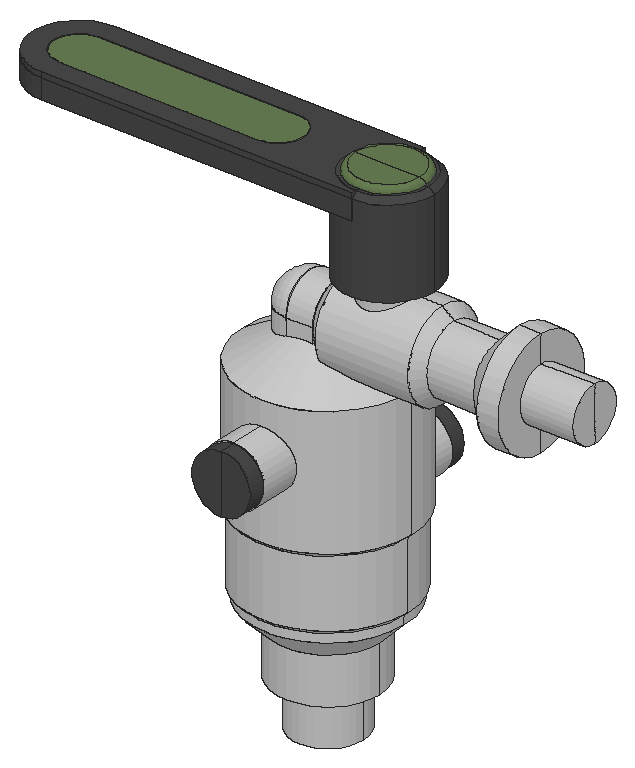
Revit family "HERZ Tap Valve With Integrated System Separator 0300", category Rohrzubehör, Revit 2020
Family settings
  Bemaßung runder Anschluss = Durchmesser verwenden
  Teiletyp = Unterbricht
  OmniClass-Nummer = 23.65.55.14
  OmniClass-Titel = Valves for Liquid Services
  Arbeitsebenenbasiert = Nein
  Immer vertikal = Ja
  Beim Laden mit Abzugskörper schneiden = Nein
  Gemeinsam genutzt = Nein
Parameters (values of type "DN15 auf DN20")
  W02 = 60.00°  # constant formula
  W01 = 45.00°  # constant formula
  Vorgabe-Ansicht = 0.000 mm
  URL = "www.herzvalves.com"
  System separator cartridge = "high quality, lime-repellent plastic."  # constant formula
  STL02 = 37.500 mm  # constant formula
  STL01 = 33.000 mm  # constant formula
  STD02 = 8.200 mm  # constant formula
  STD01 = 8.500 mm  # constant formula
  SCTWSEQ = "AW;SBT_TYP_AW=\"104\";2"
  SCTWCODE = "04;12;02"  # constant formula
  S05 = R03 - 2.000 mm  # 10.400 mm
  S04 = 33.000 mm  # constant formula
  S03 = 25.000 mm  # constant formula
  S02 = 45.000 mm  # constant formula
  S01 = 13.000 mm  # constant formula
  R09 = 13.000 mm  # constant formula
  R05 = 8.000 mm  # constant formula
  R04 = 8.500 mm  # constant formula
  R03 = 12.400 mm  # constant formula
  R02 = 9.500 mm  # constant formula
  R01 = 15.000 mm  # constant formula
  NennweiteEin [instance] = if([15_20], 15.000 mm, if([20_20], 20.000 mm, if([20_25], 20.000 mm, 0.000 mm)))  # 15.000 mm
  NennweiteAus [instance] = if([15_20], 20.000 mm, if([20_20], 20.000 mm, if([20_25], 25.000 mm, 0.000 mm)))  # 20.000 mm
  Model = "The system separator of type BA integrated in this take-off fitting has been developed according to the standard DIN EN 1717.\r\nAccording to this standard, the water quality is divided up into 5 classes depending on the degree of contamination.\r\nSystem separators of type BA provide protection against non-drinking water up to hazard class 4.\r\nThis is the highest hazard class that may be safeguarded with a valve.\r\nThe installation of a dirt trap upstream of the system separator helps to guarantee constant and faultless function.\r\nIt is only possible to install this fitting vertically."
  Medium = "Water (without steam)"  # constant formula
  Max. permissible temperature (short-term) = 80 °C  # constant formula
  Max. operating temperature = 65 °C  # constant formula
  Max. operating pressure = 1000000.0 Pa  # constant formula
  LO01 = 34.500 mm  # constant formula
  L11 = 77.500 mm  # constant formula
  L10 = 57.500 mm  # constant formula
  L09 = 58.000 mm  # constant formula
  L08 = 2.500 mm  # constant formula
  L07 = 26.000 mm  # constant formula
  L06 = 6.000 mm  # constant formula
  L05 = 15.000 mm  # constant formula
  L04 = 5.000 mm  # constant formula
  L03 = 100.000 mm  # constant formula
  L02 = 58.000 mm  # constant formula
  L01 = 75.000 mm  # constant formula
  Installation position = "vertical"  # constant formula
  Note = "Pursuant to Article 33 of the REACH Regulation (EC No. 1907/2006), we are obliged to point out that the material lead is listed on the SVHC list and that all brass components manufactured in our products exceed 0.1% (w / w) lead (CAS: 7439-92-1 / EINECS: 231-100-4).\r\nSince lead is a component part of an alloy, actual exposure is not possible and therefore no additional information on safe use is necessary."
  Hersteller = "HERZ Armaturen Ges.m.b.H."  # constant formula
  H08 = 15.000 mm  # constant formula
  H07 = 36.000 mm  # constant formula
  H06 = 19.000 mm  # constant formula
  H05 = 2.500 mm  # constant formula
  H04 = 13.000 mm  # constant formula
  H03 = 13.000 mm  # constant formula
  H02 = 105.000 mm  # constant formula
  H01 = 146.000 mm - H02  # 41.000 mm
  Seals = "EPDM"  # constant formula
  Part number = if([15_20], "I030001", if([20_20], "I030002", if([20_25], "I030012", "0")))  # "I030001"
  Body = "pressed brass (CW617N), chrome-plated."  # constant formula
  Application = "This take-off fitting with integrated system separator (BA) is designed for installation above a drainage fixture or for outdoor installation (e.g. as a garden valve).\r\nThe fitting comprises an intake-side ball valve and a downstream system separator of type BA according to DIN EN 1717."
  20_25 = no
  20_20 = no
  15_20 = yes
  D05 = 14.500 mm  # constant formula
  D04 = 21.500 mm  # constant formula
  D03 = 22.500 mm  # constant formula
  D02 = 7.000 mm  # constant formula
  D01 = 23.500 mm  # constant formula
  AGein [instance] = NennweiteEin / 2  # 7.500 mm
  AGaus [instance] = NennweiteAus / 2  # 10.000 mm
Types (4, lengths in mm): name | NennweiteEin | NennweiteAus | Part number | 20_25 | 20_20 | 15_20 | AGein | AGaus
  (no name) | 15.000 | 20.000 | "I030001" | no | no | yes | 7.500 | 10.000
  DN15 auf DN20 | 15.000 | 20.000 | "I030001" | no | no | yes | 7.500 | 10.000
  DN20 auf DN20 | 20.000 | 20.000 | "I030002" | no | yes | no | 10.000 | 10.000
  DN20 auf DN25 | 20.000 | 25.000 | "I030012" | yes | no | no | 10.000 | 12.500
Reference planes
  plane 1 "Mitte (Vorne/hinten)": y = 0
  plane 2: z = 0
  plane 3 "Mitte (Links/rechts)": x = 0
Forms (mm)
  Revolve 1, solid, material "Messing, vernickelt", detail levels fine
    sketch origin (0, 0, -213.5) x (1, 0, 0) y (0, 0, 1)
      loop
        line (0, 108.5) -> (0, 213.5) -> (-7, 213.5) -> (-7, 210.526) -> (-23.5, 201) -> (-23.5, 165) -> (-22.5, 164) -> (-22.5, 145) -> (-21.5, 144) -> (-21.5, 141.5) -> (-14.5, 134.5) -> (-14.5, 121.5) -> (-10, 121.5) -> (-10, 108.5) -> (0, 108.5)
      axis (0, 213.5) -> (0, 108.5)
    angle from 0 to 360
  Revolve 2, solid, material "Messing, vernickelt", detail levels fine
    sketch origin (0, 0, 0) x (1, 0, 0) y (0, 0, 1)
      loop
        line (2.5, 0) -> (75, 0) -> (75, 7.5) -> (60, 7.5) -> (60, 15) -> (54, 15) -> (48.5, 9.5) -> (35.3, 9.5) -> (32.4, 12.4) -> (6.4, 12.4) -> (2.5, 8.5) -> (2.5, 0)
      axis (2.5, 0) -> (75, 0)
    angle from 0 to 360
  Extrusion 3, solid, material "Messing, vernickelt", detail levels fine
    sketch origin (0, 0, 0) x (0, 1, 0) y (0, 0, 1)
      loop
        arc (8.5, 0) -> (0, 8.5) -> (-8.5, 0) r 8.5
        line (-8.5, 0) -> (-8.5, -12.5) -> (8.5, -12.5) -> (8.5, 0)
    from 2.5 to -5
  Extrusion 4, solid, material "Messing, vernickelt", detail levels fine
    sketch origin (0, 0, 0) x (1, 0, 0) y (0, 1, 0)
      loop
        circle (-5, 0) r 8.5
    from -20 to 0
  Revolve 5, solid, material "Messing, vernickelt", detail levels fine
    sketch origin (0, 0, 0) x (1, 0, 0) y (0, 1, 0)
      loop
        arc (-5, 8.5) -> (-11.01, 6.01) -> (-13.5, 0) r 8.5
        line (-13.5, 0) -> (-5, 0) -> (-5, 8.5)
      axis (-5, 0) -> (-13.5, 0)
    angle from 0 to 360
  Revolve 6, solid, material "Messing, vernickelt", detail levels fine
    sketch origin (0, 0, 0) x (1, 0, 0) y (0, 0, 1)
      loop
        line (17, 0) -> (25, 0) -> (25, 15) -> (17, 15) -> (17, 0)
      axis (17, 15) -> (17, 0)
    angle from 0 to 360
  Revolve 7, solid, material "Kunststoff SCHWARZ", detail levels fine
    sketch origin (0, 0, 0) x (1, 0, 0) y (0, 0, 1)
      loop
        line (17, 15) -> (30, 15) -> (30, 39.5) -> (28.5, 41) -> (17, 41) -> (17, 15)
      axis (17, 15) -> (17, 41)
    angle from 0 to 360
  Revolve 8, solid, material "Kunststoff GRÜN", detail levels fine
    sketch origin (0, 0, 0) x (1, 0, 0) y (0, 0, 1)
      loop
        line (17, 42.5) -> (17, 41) -> (27.5, 41)
        arc (27.5, 41) -> (27.061, 42.061) -> (26, 42.5) r 1.5
        line (26, 42.5) -> (17, 42.5)
      axis (17, 42.5) -> (17, 41)
    angle from 0 to 360
  Extrusion 9, solid, material "Kunststoff SCHWARZ", detail levels fine
    sketch origin (0, 0, 0) x (1, 0, 0) y (0, 1, 0)
      loop
        line (17, 13) -> (-70, 13)
        arc (-70, 13) -> (-83, 0) -> (-70, -13) r 13
        line (-70, -13) -> (17, -13) -> (17, 13)
    from 34 to 39.5
  Extrusion 10, solid, material "Kunststoff SCHWARZ", detail levels fine
    sketch origin (0, 0, 0) x (1, 0, 0) y (0, 1, 0)
      loop
        line (17, 13) -> (-70, 13)
        arc (-70, 13) -> (-83, 0) -> (-70, -13) r 13
        line (-70, -13) -> (17, -13) -> (17, 13)
      loop
        arc (-70, 7) -> (-77, 0) -> (-70, -7) r 7
        line (-70, -7) -> (-14, -7)
        arc (-14, -7) -> (-7, 0) -> (-14, 7) r 7
        line (-14, 7) -> (-70, 7)
    from 39.5 to 41
  Extrusion 11, solid, material "Kunststoff GRÜN", detail levels fine
    sketch origin (0, 0, 0) x (1, 0, 0) y (0, 1, 0)
      loop
        arc (-70, 7) -> (-77, 0) -> (-70, -7) r 7
        line (-70, -7) -> (-14, -7)
        arc (-14, -7) -> (-7, 0) -> (-14, 7) r 7
        line (-14, 7) -> (-70, 7)
    from 39.5 to 41
  Revolve 12, solid, material "Messing, vernickelt", detail levels fine
    sketch origin (0, 0, 0) x (0, 1, 0) y (0, 0, 1)
      loop
        line (0, -39) -> (0, -47.5) -> (33, -47.5) -> (33, -39) -> (0, -39)
      axis (33, -47.5) -> (0, -47.5)
    angle from 0 to 360
  Revolve 13, solid, material "Messing, vernickelt", detail levels fine
    sketch origin (0, 0, 0) x (0, -1, 0) y (0, 0, 1)
      loop
        line (0, -19) -> (0, -27.5) -> (33, -27.5) -> (33, -19) -> (0, -19)
      axis (33, -27.5) -> (0, -27.5)
    angle from 0 to 360
  Revolve 14, solid, material "Kunststoff SCHWARZ", detail levels fine
    sketch origin (0, 0, 0) x (0, 1, 0) y (0, 0, 1)
      loop
        line (-33, -27.5) -> (-33, -19.3) -> (-37.5, -19.3) -> (-37.5, -27.5) -> (-33, -27.5)
      axis (-33, -27.5) -> (-37.5, -27.5)
    angle from 0 to 360
  Revolve 15, solid, material "Kunststoff SCHWARZ", detail levels fine
    sketch origin (0, 0, 0) x (0, -1, 0) y (0, 0, 1)
      loop
        line (-33, -47.5) -> (-33, -39.3) -> (-37.5, -39.3) -> (-37.5, -47.5) -> (-33, -47.5)
      axis (-33, -47.5) -> (-37.5, -47.5)
    angle from 0 to 360
Lines and regions (mm)
  model lines, detail levels coarse+medium
    curve 1: line (35.5, 0, 12.4) -> (35.5, 0, -12.4)
    curve 2: line (35.5, 0, -12.4) -> (2.5, 0, 12.4)
    curve 3: line (2.5, 0, 12.4) -> (2.5, 0, -12.4)
    curve 4: line (2.5, 0, -12.4) -> (35.5, 0, 12.4)
    curve 5: circle (10.02, 0, 0) r 10.4 normal (0, -1, 0)
    curve 6: line (35.5, 0, 0) -> (75, 0, 0)
    curve 7: line (60, 0, 15) -> (60, 0, -15)
    curve 8: line (-23.5, 0, -12.4) -> (23.5, 0, -12.4)
    curve 9: line (-23.5, 0, -105) -> (-23.5, 0, -12.4)
    curve 10: line (23.5, 0, -105) -> (-23.5, 0, -105)
    curve 11: line (23.5, 0, -12.4) -> (23.5, 0, -105)
    curve 12: line (2.5, 0, 0) -> (0, 0, 0)
    curve 13: line (0, 0, 0) -> (0, 0, -12.4)
    curve 14: line (-10.5, 0, -105) -> (-10.5, 0, -80)
    curve 15: line (-10.5, 0, -57.4) -> (-10.5, 0, -12.4)
    curve 16: line (10.5, 0, -105) -> (10.5, 0, -80)
    curve 17: line (10.5, 0, -57.4) -> (10.5, 0, -12.4)
    curve 18: line (0, -23.5, -105) -> (0, 23.5, -105)
    curve 19: line (0, -23.5, -12.4) -> (0, -23.5, -105)
    curve 20: line (0, 23.5, -12.4) -> (0, -23.5, -12.4)
    curve 21: line (0, 23.5, -105) -> (0, 23.5, -12.4)
    curve 26: arc (0, -12.4, 0) -> (0, 0, 12.4) -> (0, 12.4, 0) r 12.4
  model lines
    curve 22: line (0, -10.5, -105) -> (0, -10.5, -80)
    curve 23: line (0, -10.5, -57.4) -> (0, -10.5, -12.4)
    curve 24: line (0, 10.5, -105) -> (0, 10.5, -80)
    curve 25: line (0, 10.5, -57.4) -> (0, 10.5, -12.4)
Dimensions and locks
  "H03": Revolve 1 sketch curve to Revolve 1 sketch curve
  "H04": Revolve 1 sketch curve to Revolve 1 sketch curve
  "H05": Revolve 1 sketch curve to Revolve 1 sketch curve
  "H06": Revolve 1 sketch curve to Revolve 1 sketch curve
  "H07": Revolve 1 sketch curve to Revolve 1 sketch curve
  "AGaus": Revolve 1 sketch curve to plane 3 "Mitte (Links/rechts)"
  "D01": Revolve 1 sketch curve to Revolve 1 sketch curve
  "D02": Revolve 1 sketch curve to Revolve 1 sketch curve
  "D05": Revolve 1 sketch curve to Revolve 1 sketch curve
  "D04": Revolve 1 sketch curve to Revolve 1 sketch curve
  "D03": Revolve 1 sketch curve to Revolve 1 sketch curve
  "H02": Revolve 1 sketch curve to Revolve 1 sketch curve
  "L01": Revolve 2 sketch curve to plane 3 "Mitte (Links/rechts)"
  "L05": Revolve 2 sketch curve to Revolve 2 sketch curve
  "L06": Revolve 2 sketch curve to Revolve 2 sketch curve
  "L07": Revolve 2 sketch curve to Revolve 2 sketch curve
  "AGein": Revolve 2 sketch curve to Revolve 2 sketch curve
  "R01": Revolve 2 sketch curve to Revolve 2 sketch curve
  "R02": Revolve 2 sketch curve to Revolve 2 sketch curve
  "R03": Revolve 2 sketch curve to Revolve 2 sketch curve
  "L08": Revolve 2 sketch curve to plane 3 "Mitte (Links/rechts)"
  "R04": Revolve 2 sketch curve to Revolve 2 sketch curve
  "H08": Revolve 6 sketch curve to plane 2
  "R05": Revolve 6 sketch curve to Revolve 6 sketch curve
  "L09": Revolve 6 sketch curve to Revolve 2
  "H08": Revolve 7 sketch curve to plane 2
  "R09": Revolve 7 sketch curve to Revolve 7 sketch curve
  "L02": Revolve 2 to Revolve 7 sketch curve
  "H01": Revolve 7 sketch curve to plane 2
  Revolve 7 sketch curve to Revolve 7 sketch curve = 11.500 mm
  "L02": Revolve 2 to Revolve 8 sketch curve
  Revolve 8 sketch curve to Revolve 7 = 1.500 mm
  "H01": Revolve 8 sketch curve to plane 2
  "L02": Extrusion 9 sketch curve to Revolve 2
  "R09": Extrusion 9 sketch curve to plane 1 "Mitte (Vorne/hinten)" to Extrusion 9 sketch curve
  "L03": Extrusion 9 sketch curve to Extrusion 9 sketch curve
  "L03": Extrusion 10 sketch curve to Extrusion 9
  "L02": Extrusion 10 sketch curve to Revolve 2
  "STL01": Revolve 12 sketch curve to plane 1 "Mitte (Vorne/hinten)"
  "STD01": Revolve 12 sketch curve to Revolve 12 sketch curve
  "L10": Revolve 1 to Revolve 12 sketch curve
  "STD01": Revolve 13 sketch curve to Revolve 13 sketch curve
  "STL01": plane 1 "Mitte (Vorne/hinten)" to Revolve 13 sketch curve
  "L11": Revolve 13 sketch curve to Revolve 1
  "STL01": plane 1 "Mitte (Vorne/hinten)" to Revolve 14 sketch curve
  "STL02": Revolve 13 to Revolve 14 sketch curve
  "STD02": Revolve 14 sketch curve to Revolve 14 sketch curve
  "L11": Revolve 1 to Revolve 14 sketch curve
  "D01": nested 1 to plane 3 "Mitte (Links/rechts)"
  "LO01": level to nested 1
  "STD02": Revolve 15 sketch curve to Revolve 15 sketch curve
  "L10": Revolve 15 sketch curve to Revolve 1
  "STL01": Revolve 15 sketch curve to plane 1 "Mitte (Vorne/hinten)"
  "STL02": Revolve 15 sketch curve to plane 1 "Mitte (Vorne/hinten)"
  "R03": curve 4 to plane 2 to curve 2
  "R03": curve 3 to plane 2 to curve 4
  "L08": plane 3 "Mitte (Links/rechts)" to curve 3
  "S04": curve 3 to curve 1
  "L01": curve 6 to plane 3 "Mitte (Links/rechts)"
  "R01": curve 7 to plane 2 to curve 7
  curve 7 to curve 6 = 15.000 mm
  "D01": curve 11 to plane 3 "Mitte (Links/rechts)" to curve 9
  "H02": plane 2 to curve 10
  "R03": plane 2 to curve 8
  "S01": curve 14 to curve 9
  "S01": curve 11 to curve 16
  "S01": curve 11 to curve 17
  "S01": curve 15 to curve 9
  "S02": curve 8 to curve 17
  "S02": curve 8 to curve 15
  "S03": curve 14 to curve 10
  "S03": curve 16 to curve 10
  "H02": plane 2 to curve 18
  "R03": plane 2 to curve 20
  "D01": curve 19 to plane 1 "Mitte (Vorne/hinten)" to curve 21
  "S01": curve 19 to curve 22
  "S01": curve 24 to curve 21
  "S01": curve 25 to curve 21
  "S01": curve 19 to curve 23
  "S03": curve 18 to curve 22
  "S03": curve 18 to curve 24
  "S02": curve 20 to curve 25
  "S02": curve 20 to curve 23
  "S05": radius of curve 5
  "R03": radius of curve 26
  "W01": angle Revolve 1 sketch curve to Revolve 1 sketch curve  (x3)
  "W02": angle Revolve 1 sketch curve to Revolve 1 sketch curve
  "W01": angle Revolve 2 sketch curve to Revolve 2 sketch curve  (x3)
  "W01": angle Revolve 7 sketch curve to Revolve 7 sketch curve
  aligned and locked: level to plane 2
Automatic sketch dimensions
  Extrusion 3 sketch curve to level = 0.000 mm  (x2)
  Extrusion 3 sketch curve to plane 1 "Mitte (Vorne/hinten)" = 0.000 mm
  plane 1 "Mitte (Vorne/hinten)" to Extrusion 3 sketch curve = 8.500 mm
  Extrusion 3 sketch curve to level = 12.500 mm
  plane 1 "Mitte (Vorne/hinten)" to Extrusion 4 sketch curve = 0.000 mm
  Extrusion 4 sketch curve to plane 3 "Mitte (Links/rechts)" = 5.000 mm
  Revolve 5 sketch curve to plane 1 "Mitte (Vorne/hinten)" = 0.000 mm
  plane 1 "Mitte (Vorne/hinten)" to Revolve 5 sketch curve = 0.000 mm
  Revolve 5 sketch curve to plane 3 "Mitte (Links/rechts)" = 13.500 mm
  Revolve 5 sketch curve to plane 3 "Mitte (Links/rechts)" = 5.000 mm
  Revolve 5 sketch curve to Revolve 5 sketch curve = 1986.500 mm
  plane 3 "Mitte (Links/rechts)" to Revolve 5 sketch curve = 2000.000 mm
  plane 1 "Mitte (Vorne/hinten)" to Extrusion 11 sketch curve = 0.000 mm
  Extrusion 11 sketch curve to plane 3 "Mitte (Links/rechts)" = 70.000 mm
  Extrusion 11 sketch curve to plane 1 "Mitte (Vorne/hinten)" = 7.000 mm
  Extrusion 11 sketch curve to plane 3 "Mitte (Links/rechts)" = 14.000 mm
  curve 26 to level = 0.000 mm
  curve 26 to plane 1 "Mitte (Vorne/hinten)" = 0.000 mm
  curve 12 to level = 0.000 mm
  curve 12 to plane 3 "Mitte (Links/rechts)" = 0.000 mm
  curve 5 to level = 0.000 mm
  curve 6 to level = 0.000 mm
  plane 3 "Mitte (Links/rechts)" to curve 3 = 2.500 mm
  curve 12 to curve 5 = 7.520 mm
  Revolve 1 sketch curve to level = 0.000 mm
  Revolve 1 sketch curve to plane 3 "Mitte (Links/rechts)" = 0.000 mm  (x2)
  Revolve 1 sketch curve to Revolve 1 sketch curve = 261.045 mm
  level to Revolve 1 sketch curve = 2214.315 mm
  Revolve 2 sketch curve to level = 0.000 mm  (x2)
  Revolve 2 sketch curve to plane 3 "Mitte (Links/rechts)" = 1506.530 mm
  Revolve 2 sketch curve to Revolve 2 sketch curve = 1764.148 mm
  Revolve 6 sketch curve to level = 0.000 mm  (x2)
  Revolve 6 sketch curve to Revolve 6 sketch curve = 0.000 mm  (x2)
  Revolve 7 sketch curve to Revolve 7 sketch curve = 0.000 mm  (x3)
  Revolve 8 sketch curve to Revolve 8 sketch curve = 9.000 mm
  Revolve 8 sketch curve to Revolve 8 sketch curve = 0.000 mm  (x3)
  Extrusion 9 sketch curve to Extrusion 9 sketch curve = 0.000 mm
  Extrusion 10 sketch curve to Extrusion 10 sketch curve = 0.000 mm  (x2)
  plane 1 "Mitte (Vorne/hinten)" to Extrusion 10 sketch curve = 0.000 mm
  Extrusion 10 sketch curve to plane 1 "Mitte (Vorne/hinten)" = 7.000 mm
  Extrusion 10 sketch curve to plane 3 "Mitte (Links/rechts)" = 14.000 mm
  Extrusion 10 sketch curve to Extrusion 10 sketch curve = 56.000 mm
  Revolve 12 sketch curve to plane 1 "Mitte (Vorne/hinten)" = 0.000 mm  (x2)
  Revolve 12 sketch curve to Revolve 12 sketch curve = 0.000 mm  (x2)
  Revolve 13 sketch curve to plane 1 "Mitte (Vorne/hinten)" = 0.000 mm  (x2)
  Revolve 13 sketch curve to Revolve 13 sketch curve = 0.000 mm  (x2)
  Revolve 14 sketch curve to Revolve 14 sketch curve = 0.000 mm  (x3)
  Revolve 15 sketch curve to Revolve 15 sketch curve = 0.000 mm  (x3)
  radius of Extrusion 4 sketch curve = 8.500 mm
Nested families
  nested 1: "Herz-Logo-vorne" at (-23.5, 0, -39), type "Herz-Logo-vorne", detail levels fine
Connectors
  piping at (0, 0, -105), diameter 20, driven by "NennweiteAus"
    settings: on Revolve 1, index 1, connector inside diameter 609.6 mm, connector length 0.000 mm, flow factor 0, pipe flow 0.0 L/s, pressure drop 0.0 Pa, fitting loss kfactor 0, connector angle 0.00°, fixture units 0, engagement length 0.000 mm, angle of deflection 0.00°, flow configuration 0, flow direction 2, fitting loss method 0, system type 29, joint type 0, gender type 0, connector reference index -1, connector utility 0, adjustable connector no, is connector primary yes, connector description ""
  piping at (75, 0, 0), diameter 15, driven by "NennweiteEin"
    settings: on Revolve 2, index 2, connector inside diameter 609.6 mm, connector length 0.000 mm, flow factor 0, pipe flow 0.0 L/s, pressure drop 0.0 Pa, fitting loss kfactor 0, connector angle 0.00°, fixture units 0, engagement length 0.000 mm, angle of deflection 0.00°, flow configuration 0, flow direction 1, fitting loss method 0, system type 29, joint type 0, gender type 0, connector reference index -1, connector utility 0, adjustable connector no, is connector primary no, connector description ""
Definition of nested family "Herz-Logo-vorne"
  Parameters (values of type "Herz-Logo-vorne")
    Default Elevation = 0.000 mm
  Reference planes
    plane 1 "Mitte (Vorne/hinten)": y = 0
    plane 2: z = 0
    plane 3 "Mitte (Links/rechts)": x = 0
  Forms (mm)
    Extrusion 1, solid
      sketch origin (0.732, -0.018, 0.017) x (0, -1, 0) y (0, 0, 1)
        loop
          line (-0.018, -4.517) -> (4.482, -4.517) -> (4.482, 4.483) -> (-4.518, 4.483) -> (-4.518, -4.517) -> (-0.018, -4.517)
        loop
          line (-0.05, -3.48) -> (3.482, -3.48) -> (3.482, 3.483) -> (-3.518, 3.483) -> (-3.518, -3.48) -> (-0.05, -3.48)
        loop
          arc (-0.018, 2.383) -> (-1.543, 3.287) -> (-3.067, 2.383) r 1.738
          arc (-3.067, 2.383) -> (-3.191, 1.899) -> (-3.067, 1.415) r 1.009
          line (-3.067, 1.415) -> (-0.018, -3.281) -> (3.032, 1.415)
          arc (3.032, 1.415) -> (3.156, 1.899) -> (3.032, 2.383) r 1.009
          arc (3.032, 2.383) -> (1.507, 3.287) -> (-0.018, 2.383) r 1.738
        loop
          arc (1.885, 1.272) -> (2.005, 1.675) -> (1.885, 2.079) r 0.74
          arc (1.885, 2.079) -> (1.265, 2.416) -> (0.644, 2.079) r 0.74
          line (0.644, 2.079) -> (-0.018, 0.97) -> (-0.679, 2.079)
          arc (-0.679, 2.079) -> (-1.3, 2.416) -> (-1.921, 2.079) r 0.74
          arc (-1.921, 2.079) -> (-2.04, 1.675) -> (-1.921, 1.272) r 0.74
          line (-1.921, 1.272) -> (-0.018, -1.658) -> (1.885, 1.272)
      from 0 to 1.5
  Dimensions and locks
    aligned and locked: level to plane 2
